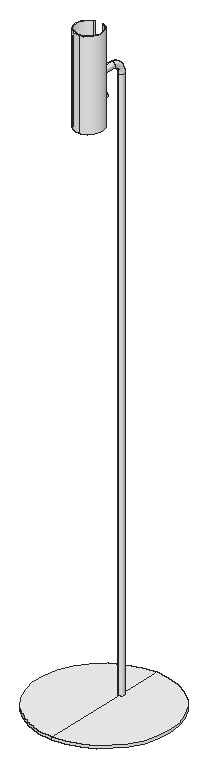
Revit family "Lighting_Floor-Mounted_Nordlux_MIB-6", category Lighting Fixtures, Revit 2017
Family settings
  Round Connector Dimension = Use Diameter
  Part Type = Normal
  OmniClass Number = 23.80.70.00
  OmniClass Title = Lighting
  Work Plane-Based = No
  Always vertical = Yes
  Cut with Voids When Loaded = No
  Light Source = Yes
  Shared = No
  Room Calculation Point = No
Parameters (values of type "MIB 6 Floor - White")
  Wattage = 2.28892 W
  WarrantyStartDate [instance] = "n/a"
  WarrantyGuarantorParts = "n/a"
  WarrantyGuarantorLabor = "n/a"
  WarrantyDurationUnit = "Year"
  WarrantyDurationParts = "n/a"
  WarrantyDurationLabor = "n/a"
  WarrantyDescription = "n/a"
  built-in parameter 1150110 = 1 (stored number, unit not read)
  VersionDate = "15/08/2019"  # constant formula
  Version = "1"  # constant formula
  UsageCurrent = 0 A
  Uniclass2015Reference = "Pr_70_70_48_32"
  Uniclass2015Description = "Free standing luminaires"
  Uniclass2 = "90-65-49/434"
  URL = "https://www.nordlux.com/products/product/71704001"
  TotalWattage = 8 W
  built-in parameter 1114217 = 1 (stored number, unit not read)
  Tilt Angle = 90.00°
  built-in parameter 1150109 = 1 (stored number, unit not read)
  built-in parameter 1150134 = (empty or 0)
  TagNumber [instance] = "n/a"
  SustainabilityPerformance = "n/a"
  built-in parameter 1150113 = 1 (stored number, unit not read)
  Size = "300x300x1410 mm"
  Shape = "Sculptured"
  SerialNumber [instance] = "n/a"
  Revision = "n/a"
  ReplacementCost = "n/a"
  ProductInformation = "The MIB collection is based on classical virtues of design, with an emphasis on simplicity. The adjustable lamp head provides a sleek and Nordic design look. MIB is available in several variations, and as a collection offers a great variety of applications. An indestructible lighting collection that spreads light and joy in any modern home. Design by Bønnelycke MDD. The minimalist MIB series is steeped in Nordic elegance and boasts excellent usability. MIB 6 invites you to put the spotlight on life. The narrow lamp head emits a precise and narrow directional light."
  Product data url = "https://www.bimobject.com/nordlux/product/mib_6_gu10_floor"
  Photometric Web File = "7165 Mib 6 Bord.ies"
  PhaseReference = "n/a"
  PhaseAngle = 0.00°
  NumberOfSources = 0
  NumberOfPoles = 1
  NominalVoltageCalc = 230 V
  NominalVoltage = 230 V
  NominalRadius = 100 mm
  NominalLength = 300 mm
  NominalHeight = 1410 mm
  NominalFrequencyRange = 50 Hz
  NominalDiameter = 200 mm
  NominalDepth = 300 mm
  NominalCurrent = 0 A
  Name = "Nordlux_MIB-6"
  NBSReference = "90-60-50/405"
  NBSDescription = "General purpose luminaires"
  ModelReference = "n/a"
  ModelNumber = ArticleNumber  # "71704001"
  Model = "MIB 6 Floor - White"
  Material = "Metal"
  ManufacturersSpecificInformation = "n/a"
  ManufacturerURL = "https://www.nordlux.com/"
  ManufacturerName = "Nordlux"
  Manufacturer = "Nordlux"
  MaintenanceFactor = 0
  Lumens = 340 lm
  built-in parameter 1150115 = 1 (stored number, unit not read)
  built-in parameter 1150105 = 259.89 (stored number, unit not read)
  LightFixturePlacingType = "Surface"
  LightFixtureMountingType = "Free-standing"
  LightFixtureMainMaterial = White
  built-in parameter 1150137 = (empty or 0)
  built-in parameter 1150139 = (empty or 0)
  LensMaterial = Glass
  built-in parameter 1150112 = 1 (stored number, unit not read)
  built-in parameter 1150114 = 1 (stored number, unit not read)
  InsulationStandardClass = "Class 2 (Double isolated)"
  InstallationDate [instance] = "n/a"
  built-in parameter 1150132 = 2
  built-in parameter 1150102 = (empty or 0)
  built-in parameter 1150138 = (empty or 0)
  built-in parameter 1150107 = 3000 (stored number, unit not read)
  built-in parameter 1150106 = 2.5989 (stored number, unit not read)
  IfcExportType = "NOTDEFINED"  # constant formula
  IfcExportAs = "IfcLightFixtureType"  # constant formula
  IP_Code = "IP20"
  HasProtectiveEarth = no
  Grade = "n/a"
  Finish = "n/a"
  Features = "White textile cable, 250 cm length, cannot be replaced"
  ExpectedLife = "n/a"
  Emit from Circle Diameter = 609.6 mm
  Emit Shape Visible in Rendering = no
  ElectricalDeviceNominalPower = 8
  built-in parameter 1150104 = 13.8 (stored number, unit not read)
  EAN Number = "5701581364288"
  DurationUnit = "Hour"
  Dimming Lamp Color Temperature Shift = <None>
  Designer = "Bønnelycke MDD"
  Description = "The MIB collection is based on classical virtues of design, with an emphasis on simplicity. The adjustable lamp head provides a sleek and Nordic design look. MIB is available in several variations, and as a collection offers a great variety of applications. An indestructible lighting collection that spreads light and joy in any modern home. Design by Bønnelycke MDD. The minimalist MIB series is steeped in Nordic elegance and boasts excellent usability. MIB 6 invites you to put the spotlight on life. The narrow lamp head emits a precise and narrow directional light."
  DefaultElevation = 0 mm
  ConvergoRefNr = "0143-1909-0029-DK"
  Constituents = "n/a"
  Color Filter = 16777215
  Color = "White"
  CodePerformance = "n/a"
  Category = "Floor lighting"
  Brand = "Nordlux"
  Barcode [instance] = "n/a"
  built-in parameter 1114218 = 1 (stored number, unit not read)
  BIMObjectName = "Lighting_Floor-Mounted_Nordlux_MIB-6"
  Author = "Convergo AB"  # constant formula
  built-in parameter 1150133 = 10 (stored number, unit not read)
  AssetType = "Fixed"
  AssetIdentifier [instance] = "n/a"
  ArticleNumber = "71704001"
  Apparent Load = 0 VA
  AccessibilityPerformance = "n/a"
Types (4, lengths in mm): name | URL | ModelNumber | Model | LightFixtureMainMaterial | Features | EAN Number | Color | ArticleNumber
  (no name) | "https://www.nordlux.com/products/product/71704001" | "71704001" | "MIB 6 Floor - White" | White | "White textile cable, 250 cm length, cannot be replaced" | "5701581364288" | "White" | "71704001"
  MIB 6 Floor - Black | "https://www.nordlux.com/products/product/71704003" | "71704003" | "MIB 6 Floor - Black" | Black | "Black textile cable, 250 cm length, cannot be replaced" | "5701581364387" | "Black" | "71704003"
  MIB 6 Floor - White | "https://www.nordlux.com/products/product/71704001" | "71704001" | "MIB 6 Floor - White" | White | "White textile cable, 250 cm length, cannot be replaced" | "5701581364288" | "White" | "71704001"
  MIB 6 Floor - Grey | "https://www.nordlux.com/products/product/71704011" | "71704011" | "MIB 6 Floor - Grey" | Grey | "Grey textile cable, 250 cm length, cannot be replaced" | "5701581475984" | "Grey" | "71704011"
Reference planes
  plane 1 "Light Source Axis (F/B)": y = 0
  plane 2: z = 0
  plane 3 "Light Source Axis (L/R)": x = 0
  plane 4 "Light Source Elevation": z = 1230.309
  plane 5: z = 1410
  plane 6: x = 150
  plane 7: x = -150
  plane 8: y = 150
  plane 9: y = -150
Dimensions and locks
  "NominalHeight": plane 5 to plane 2
  equal spacing: plane 7, plane 3 "Light Source Axis (L/R)", plane 6
  "NominalLength": plane 7 to plane 6
  equal spacing: plane 9, plane 1 "Light Source Axis (F/B)", plane 8
  "NominalDepth": plane 9 to plane 8
  aligned and locked: plane 3 "Light Source Axis (L/R)" to imposter light
  aligned and locked: plane 4 "Light Source Elevation" to imposter light
  aligned and locked: level to plane 2
Nested families
  nested 1: "MIB 6 floor" at (0, 0, 0), BodyMaterial <- "LightFixtureMainMaterial", type "MIB 6 floor"
    with BodyMaterial White
Connectors
  electrical at (0, 52.026, 41.982), driven by "Apparent Load", driven by "NominalVoltageCalc"
    settings: on nested 1, index 1, voltage 230 V, apparent load 0 VA, apparent load phase1 0 VA, apparent load phase2 0 VA, apparent load phase3 0 VA, power factor 1, load classification "Other", number of poles 1, system type 31, power factor state 1, is connector primary yes, connector utility no, sub classification motor no, connector description ""
Definition of nested family "MIB 6 floor"
  Parameters (values of type "MIB 6 floor")
    BodyMaterial [instance] = none
  Reference planes
    plane 1 "Center (Front/Back)": y = 0
    plane 2: z = 0
    plane 3 "Center (Left/Right)": x = 0
    plane 4: z = 1410
    plane 5: x = 150
    plane 6: x = -150
    plane 7: y = -150
    plane 8: y = 150
  Forms (mm)
    Revolve 1, solid, material <- "BodyMaterial", detail levels medium+fine
      sketch origin (0, 0, 0) x (0, 1, 0) y (0, 0, 1)
        loop
          line (150, 6) -> (0, 6) -> (0, 0) -> (150, 0) -> (150, 6)
        axis (0, 6) -> (0, 0)
      angle from 0 to 360
    Sweep 2, solid, material <- "BodyMaterial", detail levels medium+fine
      path origin (0, 0, 0) x (0, 1, 0) y (0, 0, 1)
        loop
          line (-48.434, 1306.002) -> (23.459, 1306.002)
          arc (23.459, 1306.002) -> (42.198, 1298.24) -> (49.959, 1279.502) r 26.5
          line (49.959, 1279.502) -> (49.959, 6)
      profile origin (0, 49.959, 642.751) x (1, 0, 0) y (0, 1, 0)
        loop
          circle (0, 0) r 6.5
    Extrusion 3, solid, material <- "BodyMaterial", detail levels medium+fine
      sketch origin (0, 17, 749.691) x (1, 0, 0) y (0, 1, 0)
        loop
          arc (-6.548, -30.842) -> (-29.811, -63.386) -> (0, -90.061) r 29.969
          arc (0, -90.061) -> (29.811, -63.386) -> (6.548, -30.842) r 29.969
          arc (6.548, -30.842) -> (0, -30.121) -> (-6.548, -30.842) r 30.077
        loop
          arc (-6.548, -32.689) -> (-27.999, -63.388) -> (0, -88.261) r 28.169
          arc (0, -88.261) -> (27.999, -63.388) -> (6.548, -32.689) r 28.169
          arc (6.548, -32.689) -> (0, -31.921) -> (-6.548, -32.689) r 28.271
      from 460.309 to 660.309
    Extrusion 4, void
      sketch origin (0, 17, 749.691) x (1, 0, 0) y (0, 0, 1)
        loop
          line (-10, 675) -> (-10, 558.33)
          arc (-10, 558.33) -> (0, 548.33) -> (10, 558.33) r 10
          line (10, 558.33) -> (10, 675) -> (-10, 675)
      from 0 to 62.369
    Revolve 5, solid, material <- "BodyMaterial", detail levels medium+fine
      sketch origin (0, 17, 749.691) x (0, 1, 0) y (0, 0, 1)
        loop
          line (-14.614, 504.915) -> (-14.614, 511.414) -> (-31.61, 511.414) -> (-31.61, 504.915) -> (-14.614, 504.915)
        axis (-14.614, 504.915) -> (-31.61, 504.915)
      angle from 0 to 360
    Revolve 6, solid, detail levels medium+fine
      sketch origin (0, 17, 749.691) x (0, 1, 0) y (0, 0, 1)
        loop
          line (-60.127, 470.113) -> (-31.883, 470.113) -> (-31.883, 472.613) -> (-60.127, 472.613) -> (-60.127, 470.113)
        axis (-60.127, 472.613) -> (-60.127, 470.113)
      angle from 0 to 360
    Extrusion 7, solid, material <- "BodyMaterial", detail levels coarse
      sketch origin (0, 0, 0) x (1, 0, 0) y (0, 1, 0)
        loop
          line (-150, 150) -> (-150, -150) -> (150, -150) -> (150, 150) -> (-150, 150)
      from 0 to 1410
    Extrusion 8, void
      sketch origin (0, 0, 0) x (1, 0, 0) y (0, 0, 1)
        loop
          line (-4, 57.998) -> (-4, 25.966)
          arc (-4, 25.966) -> (0, 21.966) -> (4, 25.966) r 4
          line (4, 25.966) -> (4, 57.998)
          arc (4, 57.998) -> (0, 61.998) -> (-4, 57.998) r 4
      from -104.244 to -52.026
  Cuts and joins
    Extrusion 4 cuts Extrusion 3
    joined: Extrusion 3, Revolve 5
    Extrusion 8 cuts Sweep 2
  Lines and regions (mm)
    symbolic lines
      curve 1: line (0, -73.106, 1210.309) -> (0, -18.252, 1210.309)
    symbolic lines, detail levels medium+fine
      curve 2: line (-30.002, 0, 1210.309) -> (-6.52, 0, 1210.309)
      curve 4: line (-150, 0, 0) -> (0, 0, 0)
      curve 5: line (-150, 0, 6) -> (-150, 0, 0)
      curve 6: line (-30.002, 0, 1210.309) -> (-30.002, 0, 1410)
      curve 7: line (-30.002, 0, 1410) -> (0, 0, 1410)
      curve 8: line (-6.52, 0, 1210.309) -> (-6.52, 0, 6)
      curve 10: line (-6.52, 0, 6) -> (-150, 0, 6)
      curve 11: line (30.002, 0, 1210.309) -> (6.52, 0, 1210.309)
      curve 13: line (150, 0, 0) -> (0, 0, 0)
      curve 14: line (150, 0, 6) -> (150, 0, 0)
      curve 15: line (30.002, 0, 1210.309) -> (30.002, 0, 1410)
      curve 16: line (30.002, 0, 1410) -> (0, 0, 1410)
      curve 17: line (6.52, 0, 1210.309) -> (6.52, 0, 6)
      curve 19: line (6.52, 0, 6) -> (150, 0, 6)
      curve 20: line (0, -73.106, 1210.309) -> (0, -13.108, 1210.309)
      curve 21: line (0, -14.922, 1410) -> (0, -73.106, 1410)
      curve 22: line (0, -13.108, 1210.309) -> (0, -13.108, 1248.415)
      curve 23: line (0, -14.922, 1410) -> (0, -14.922, 1312.502)
      curve 24: line (0, -73.106, 1210.309) -> (0, -73.106, 1410)
      curve 26: line (0, 2.403, 1248.415) -> (0, 2.403, 1261.414)
      curve 28: line (0, 2.403, 1261.414) -> (0, -13.108, 1261.414)
      curve 29: line (0, 2.403, 1248.415) -> (0, -13.108, 1248.415)
      curve 31: line (0, -13.108, 1298.208) -> (0, -13.108, 1261.414)
      curve 32: line (0, 150, 6) -> (0, 56.476, 6)
      curve 33: line (0, 150, 0) -> (0, 150, 6)
      curve 34: line (0, -150, 0) -> (0, 150, 0)
      curve 35: line (0, -150, 6) -> (0, -150, 0)
      curve 36: line (0, 43.476, 6) -> (0, 43.476, 1279.502)
      curve 37: line (0, 23.476, 1299.502) -> (0, -13.554, 1299.502)
      curve 38: arc (0, 43.476, 1279.502) -> (0, 37.619, 1293.644) -> (0, 23.476, 1299.502) r 20
      curve 39: line (0, 56.476, 6) -> (0, 56.476, 21.82)
      curve 40: arc (0, 56.476, 1279.502) -> (0, 46.811, 1302.836) -> (0, 23.476, 1312.502) r 33
      curve 41: line (0, 23.476, 1312.502) -> (0, -14.922, 1312.502)
      curve 42: line (0, 54.677, 26.001) -> (0, 54.677, 58.001)
      curve 43: arc (0, 54.677, 58.001) -> (0, 55.146, 60.276) -> (0, 56.476, 62.181) r 5.755
      curve 44: arc (0, 54.677, 26.001) -> (0, 55.146, 23.725) -> (0, 56.476, 21.82) r 5.755
      curve 45: line (0, 56.476, 62.181) -> (0, 56.476, 1279.502)
      curve 47: line (0, 43.476, 6) -> (0, -150, 6)
      curve 49: arc (0, -13.554, 1299.502) -> (0, -13.339, 1298.852) -> (0, -13.108, 1298.208) r 29.027
      curve 50: circle (0, 0, 0) r 150 normal (0, 0, 1)
    symbolic lines, detail levels fine
      curve 3: line (0, 0, 6) -> (-6.52, 0, 6)
      curve 9: line (-6.52, 0, 1210.309) -> (0, 0, 1210.309)
      curve 12: line (0, 0, 6) -> (6.52, 0, 6)
      curve 18: line (6.52, 0, 1210.309) -> (0, 0, 1210.309)
      curve 25: arc (0, -14.922, 1308.309) -> (0, -14.578, 1303.853) -> (0, -13.554, 1299.502) r 29.027
      curve 27: line (0, -7.597, 1261.414) -> (0, -7.597, 1248.415)
      curve 30: arc (0, -13.108, 1261.414) -> (0, -13.84, 1254.915) -> (0, -13.108, 1248.415) r 29.202
      curve 46: line (0, 56.476, 6) -> (0, 43.476, 6)
      curve 48: line (0, -14.922, 1312.502) -> (0, -14.922, 1308.309)
      curve 51: line (-6.548, -48.434, 0) -> (-6.548, 50.043, 0)
      curve 52: line (-6.548, -48.434, 0) -> (0, -48.434, 0)
      curve 53: arc (-6.548, -13.842, 0) -> (-29.811, -46.386, 0) -> (0, -73.061, 0) r 29.969
      curve 54: arc (-6.548, 50.043, 0) -> (-4.627, 54.655, 0) -> (0, 56.54, 0) r 6.497
      curve 55: line (6.548, -48.434, 0) -> (6.548, 50.043, 0)
      curve 56: line (6.548, -48.434, 0) -> (0, -48.434, 0)
      curve 57: arc (6.548, -13.842, 0) -> (29.811, -46.386, 0) -> (0, -73.061, 0) r 29.969
      curve 58: arc (6.548, 50.043, 0) -> (4.627, 54.655, 0) -> (0, 56.54, 0) r 6.497
      curve 59: arc (-6.548, -15.689, 0) -> (-27.999, -46.388, 0) -> (0, -71.261, 0) r 28.169
      curve 60: arc (6.548, -15.689, 0) -> (27.999, -46.388, 0) -> (0, -71.261, 0) r 28.169
  Dimensions and locks
    aligned and locked: level to plane 2
